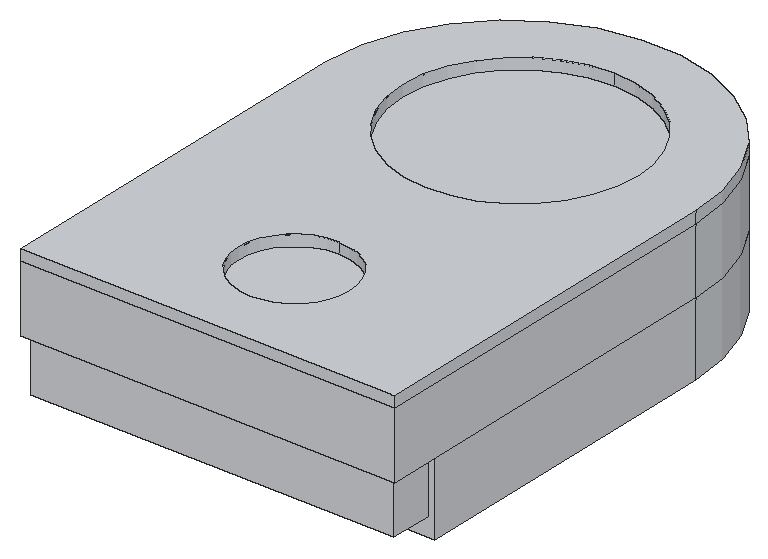
Revit family "Gira_026865", category Electrical Fixtures, host Face, Revit 2017
Family settings
  Host = Face
  Maintain Annotation Orientation = Yes
  Round Connector Dimension = Use Diameter
  Part Type = Normal
  Cut with Voids When Loaded = No
  Shared = No
  Room Calculation Point = No
Parameters (values of type "Blank cov.pl. Gira TX_44 (WP FM) c.alum.")
  With strain relief = "No"
  With imprint = "No"
  With hinged lid = "No"
  With dust cover = "No"
  Utilization = "Blind cap"
  URL = "http://katalog.gira.de/en/datenblatt.html?artikelnr=026865"
  Type of fastening = "Mounting with screw"
  Transparent = "No"
  Surface protection = "Other"
  Surface finishing = "Not applicable"
  Support ring = "No"
  Suitable for degree of protection (IP) = "IP44"
  Name = "Blank cov.pl. Gira TX_44 (WP FM) c.alum."
  Mounting method = "Flush mounted (plaster)"
  Material quality = "Other"
  Material = "Other"
  Manufacturer URL = "https://www.gira.de/"
  Manufacturer = "Gira"
  Luster terminal = "No"
  Keynote = ""
  Imprintable label = "Without indication field"
  HeinzeBIM = "https://bimportal.heinze.de/bim/blank-cov-pl-gira-tx-44-wp-fm-c-alum-/7acb78d9c2d297d779cb310224a1e28b86701de4"
  Halogen free = "No"
  HAN = "026865"
  GTIN = "4010337268659"
  Description = "Bl.cov.pl. TX_44 CAl,Blank cover plate,,colour aluminium,Notes :,- Wall plugs must be used for the frames when using 1-gang frames."
  Default Elevation = 1219.2 mm
  Data sheet (1) = "https://katalog.gira.de/en/download.html?artikelnr=026865"
  Colour = "Aluminium"
  Category = "Insert/cover for communication technology"
  BIM (1) = "https://media.stage.bim.site/public/gira/36a6b08/Türstation_Schalten und Tasten.rfa?public/gira/36a6b08/Türstation_Schalten und Tasten.rfa"
  Available = "No"
  Assembly arrangement = "Central cover plate"
Reference planes
  plane 1 "Center (Front/Back)": y = 0
  plane 2: z = 0
  plane 3 "Center (Left/Right)": x = 0
Forms (mm)
  Extrusion 1, solid, detail levels fine
    sketch origin (0, 0, 0) x (1, 0, 0) y (0, 1, 0)
      loop
        line (33.49, -50.461) -> (33.49, 16.971)
        arc (33.49, 16.971) -> (0.419, 50.458) -> (-33.479, 17.809) r 33.49
        line (-33.479, 17.809) -> (-33.479, -50.461) -> (33.49, -50.461)
      loop
        circle (0, 19.471) r 21
      loop
        circle (0, -31.029) r 10
    from 25 to 27
  Extrusion 2, solid, detail levels fine
    sketch origin (0, 0, 0) x (1, 0, 0) y (0, 1, 0)
      loop
        arc (33.49, 16.971) -> (0.419, 50.458) -> (-33.479, 17.809) r 33.49
        line (-33.479, 17.809) -> (-33.479, -50.461) -> (33.49, -50.461) -> (33.49, 16.971)
    from 13 to 25
  Extrusion 3, solid, detail levels fine
    sketch origin (0, 0, 0) x (1, 0, 0) y (0, 1, 0)
      loop
        arc (33.49, 16.971) -> (0.419, 50.458) -> (-33.479, 17.809) r 33.49
        line (-33.479, 17.809) -> (-33.479, -41.508) -> (33.49, -41.508) -> (33.49, 16.971)
    from 0 to 13
  Extrusion 4, solid, detail levels fine
    sketch origin (0, 0, 0) x (1, 0, 0) y (0, 1, 0)
      loop
        line (32.5, -49.379) -> (32.5, -41.879) -> (-32.5, -41.879) -> (-32.5, -49.379) -> (32.5, -49.379)
    from 3.5 to 13
  Extrusion 5, solid, detail levels medium
    sketch origin (0, 0, 0) x (1, 0, 0) y (0, 1, 0)
      loop
        arc (33.49, 16.971) -> (0.419, 50.458) -> (-33.479, 17.809) r 33.49
        line (-33.479, 17.809) -> (-33.479, -50.461) -> (33.49, -50.461) -> (33.49, 16.971)
    from 0 to 27
  Extrusion 6, solid, detail levels coarse
    sketch origin (0, 0, 0) x (1, 0, 0) y (0, 1, 0)
      loop
        line (-33.479, 50.461) -> (-33.479, -50.461) -> (33.49, -50.461) -> (33.49, 50.461) -> (-33.479, 50.461)
    from 0 to 27
Dimensions and locks
  aligned and locked: plane 2 to host face
  aligned and locked: level to host face
  aligned and locked: plane 3 "Center (Left/Right)" to nested 1
  aligned and locked: plane 1 "Center (Front/Back)" to nested 1
Nested families
  nested 1: "Taster mit Türöffner - Beschriftung" at (0, 0, 0), type "Taster mit Türöffner - Beschriftung"
Connectors
  electrical at (0.005, 0, 0)
    settings: on Extrusion 6, index 1, voltage 220 V, apparent load 0 VA, apparent load phase1 0 VA, apparent load phase2 0 VA, apparent load phase3 0 VA, power factor 1, load classification "Other", number of poles 1, system type 30, power factor state 1, is connector primary yes, connector utility no, sub classification motor no, connector description ""
Definition of nested family "Taster mit Türöffner - Beschriftung"
  Reference planes
    plane 1: y = 0
    plane 2: x = 0
  Lines and regions (mm)
    detail lines
      curve 1: line (3, 0, 0) -> (-3, 0, 0)
      curve 2: line (3, 3, 0) -> (3, 0, 0)
      curve 3: line (-3, 3, 0) -> (3, 3, 0)
      curve 4: line (-3, 0, 0) -> (-3, 3, 0)
      curve 5: line (3, 3, 0) -> (-3, 0, 0)
      curve 7: circle (1.899, 1.25, 0) r 0.8 normal (0, 0, 1)
      curve 8: circle (1.899, 1.25, 0) r 0.4 normal (0, 0, 1)
      curve 10: line (-0.152, 2.6, 0) -> (-1.152, 2.6, 0)
      curve 11: line (-1.852, 2.6, 0) -> (-2.552, 2.6, 0)
      curve 12: line (-1.852, 2.6, 0) -> (-1.852, 2.3, 0)
      curve 13: line (-1.152, 2.6, 0) -> (-1.903, 2.326, 0)
    reference lines
      curve 6: line (3, 1.5, 0) -> (-3, 1.5, 0)
      curve 9: line (3.348, 2.6, 0) -> (-3.652, 2.6, 0)
  Dimensions and locks
    curve 2 to curve 4 = 6 mm
    curve 3 to curve 1 = 3 mm
    curve 9 to curve 3 = 0.4 mm
